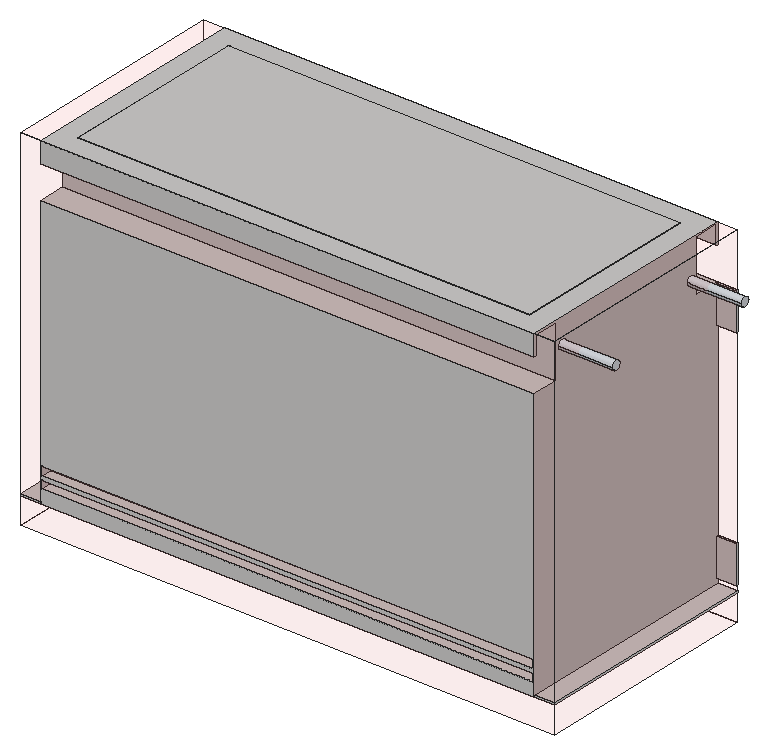
Revit family "Air-Curtain_Industrial_PoweredAire_Steam", category Mechanical Equipment, host Face, Revit 2025
Family settings
  Host = Face
  Round Connector Dimension = Use Diameter
  Part Type = Normal
  OmniClass Number = 23.75.35.17.21
  OmniClass Title = Air Curtains
  Cut with Voids When Loaded = No
  Maintain Annotation Orientation = No
  Shared = No
  Room Calculation Point = No
Parameters
  upperrotation [instance] = if(Upper Pipe Connection Side A, 0.00°, 180.00°)  # 0.00°
  topbracket [instance] = and(Unit Height = 1' 4 3/4", Unit Depth = 1' 11 3/4")  # yes
  lowerrotation [instance] = if(Lower Pipe Connection Side A, 0.00°, 180.00°)  # 0.00°
  locateupperpipe [instance] = if(Upper Pipe Connection Side A, 0' 0", Nozzle Width)  # 0' - 0"
  locatelowerpipe [instance] = if(Lower Pipe Connection Side A, 0' 0", Nozzle Width)  # 0' - 0"
  Warranty Duration (Years) = 0
  Upper Pipe Connection Side A [instance] = yes
  Unit Width Notes = "Other Widths available."  # constant formula
  Unit Width = 3' - 3"
  Unit Weight = 0
  Unit Height = 1' - 4 3/4"
  Unit Depth = 1' - 11 3/4"
  URL = "http://www.poweredaire.com/"
  Test Data = ""
  Standards Conformance = "as Specified"
  Specification = "http://www.arcat.com/sdspecs/htm04/23_34_33pai.htm"
  SpecWizard = ""
  Sound Pressure = "as Specified"
  Sales Information = "http://www.poweredaire.com/contact_us"
  Revision = "R1_2016-08"
  Projection from Host [instance] = 0' - 2"
  Product Properties = ""
  Product Data = "http://www.arcat.com/arcatcos/cos47/arc47623.html"
  Power Rating = 0 W
  Piping_Water Flow [instance] = 0 GPM
  Piping_Operating Pressure [instance] = 0.00 psi
  Piping_Exit Temperature [instance] = 0 °F
  Piping_Entry Temperature [instance] = 0 °F
  Pipe OD [instance] = 5/8"
  Nozzle Width = if(1 = 1, Unit Width - 0' 3", 0' 0")  # 3' - 0"
  Mounting Width = if(1 = 1, Unit Width - 0' 1 1/2", 0' 0")  # 3' - 1 1/2"
  Mounting Height [instance] = 3' - 6"
  Motor RPM = 0
  Motor HP = 0
  Motor Count = 0
  Model = "As Specified"
  Max Height = 0' - 0"
  Manufacturer Website = "http://www.poweredaire.com/"
  Manufacturer Phone - Toll Free = "888-321-2473"
  Manufacturer Phone = "724-588-3305"
  Manufacturer Fax = "724-588-3371"
  Manufacturer Address = "109 Mortensen Rd.  Greenville, PA 16125"
  Manufacturer = "Powered Aire, Inc"
  Maintenance Schedule (Months) = 0
  Lower Pipe Connection Side A [instance] = yes
  Keynote = "23 34 33"
  Installation-Fabrication = ""
  Installation Phase = ""
  Include Clearance [instance] = yes
  Heating Element Load = 0 W
  HVAC_Temperature Rise = 0 °F
  HVAC_Outlet Volume = 0 CFM
  HVAC_Outlet Velocity Uniformity = 0
  HVAC_Outlet Velocity = 0 FPM
  HVAC_BTU Input = 0.0 Btu/h
  Green Building-LEED = "http://www.arcat.com/green/clients/leed_data_47623.html"
  Front Grating Material [instance] = Metal - Steel - PoweredAire - Stainless 304 Perforated
  Frame Finish [instance] = Metal - Steel - PoweredAire - Stainless 304
  Expected Lifespan (Years) = 0
  Electrical_Wattage [instance] = Power Rating + Heating Element Load  # 0 W
  Electrical_Voltage [instance] = 0 V
  Electrical_Phase [instance] = 1
  Electrical_Frequency [instance] = 0 Hz
  Electrical_Amperage [instance] = 0 A
  Drawn By = "Sumex Design, Inc. / Robert S. Weygant, CSI, CDT, SCIP"
  Description = "Powered Aire Air Curtain as Specified"
  Default Elevation = 0' - 0"  # constant formula
  Copyright = "©Arcat Inc."
  Construction Details = "http://www.arcat.com/details/powair/prod3336.html"
  Clearance_Top [instance] = 0' - 0"
  Clearance_Side B [instance] = 0' - 0"
  Clearance_Side A [instance] = 0' - 0"
  Clearance_Intake [instance] = 0' - 0"
  Clearance_Bottom [instance] = 0' - 0"
  Clearance Material [instance] = ARCAT Clearance
  Building Codes = ""
  Available Options [instance] = "as Specified"
  Assembly Code = "D3090400"
Reference planes (in)
  plane 1 "Center (Elevation)": y = 0.13818
  plane 2: z = 0
  plane 3 "Center (Left/Right)": x = 0
  plane 4: y = 8.51318
  plane 5: y = -8.23682
  plane 6: x = -19.5
  plane 7: x = 19.5
  plane 8: z = 25.75
  plane 9 "FF": y = -41.86182
  plane 10: z = 2
  plane 11: x = 18
  plane 12: x = -18
  plane 13: y = 8.51318
  plane 14: y = -8.23682
  plane 15: x = -19.5
  plane 16: x = 19.5
  plane 17: z = 25.75
  plane 18: x = 17.9375
  plane 19: x = -17.9375
  plane 20: x = 18
  plane 21: x = 18
  plane 22: y = 6.01318
  plane 23: y = -5.73682
Forms (in)
  Extrusion 1, solid, material "Metal - Steel - PoweredAire - Stainless 304" <- "Frame Finish"
    sketch origin (0, 0, 0) x (0, 1, 0) y (0, 0, 1)
      loop
        line (-8.23682, 2) -> (8.51318, 2) -> (8.51318, 21.8125) -> (6.51318, 21.8125) -> (6.51318, 25.625) -> (8.38818, 25.625) -> (8.38818, 24.25) -> (8.51318, 24.25) -> (8.51318, 25.75) -> (-8.23682, 25.75) -> (-8.23682, 24.25) -> (-8.11182, 24.25) -> (-8.11182, 25.625) -> (-6.23682, 25.625) -> (-6.23682, 21.8125) -> (-8.23682, 21.8125) -> (-8.23682, 2)
    from -18 to 18
  Extrusion 2, solid, material "ARCAT Clearance" <- "Clearance Material", visible <- "Include Clearance"
    sketch origin (0, 0, 0) x (0, 1, 0) y (0, 0, 1)
      loop
        line (-8.23682, 25.75) -> (-8.23682, 0) -> (8.51318, 0) -> (8.51318, 25.75) -> (-8.23682, 25.75)
    from -19.5 to 19.5
  Extrusion 3, solid, material "Metal - Steel - PoweredAire - Stainless 304" <- "Frame Finish"
    sketch origin (-15.17702, -180, 2) x (-1, 0, 0) y (0, -1, 0)
      loop
        line (-33.17702, -188.51318) -> (-33.17702, -171.76318) -> (-34.67702, -171.76318) -> (-34.67702, -188.51318) -> (-33.17702, -188.51318)
      loop
        line (2.82298, -188.51318) -> (4.32298, -188.51318) -> (4.32298, -171.76318) -> (2.82298, -171.76318) -> (2.82298, -188.51318)
    from 0 to 0.125
  Extrusion 4, solid, material "Metal - Steel - PoweredAire - Stainless 304" <- "Frame Finish", visible <- "topbracket"
    sketch origin (-11.83813, 8.51318, 48) x (-1, 0, 0) y (0, 0, 1)
      loop
        line (-29.83813, -45.5) -> (-29.83813, -42.75) -> (-31.33813, -42.75) -> (-31.33813, -45.5) -> (-29.83813, -45.5)
      loop
        line (-29.83813, -28.9375) -> (-29.83813, -26.1875) -> (-31.33813, -26.1875) -> (-31.33813, -28.9375) -> (-29.83813, -28.9375)
      loop
        line (6.16187, -45.5) -> (7.66187, -45.5) -> (7.66187, -42.75) -> (6.16187, -42.75) -> (6.16187, -45.5)
      loop
        line (6.16187, -28.9375) -> (7.66187, -28.9375) -> (7.66187, -26.1875) -> (6.16187, -26.1875) -> (6.16187, -28.9375)
    from 0 to -0.125
  Extrusion 5, void
    sketch origin (0, 0, 0) x (0, 1, 0) y (0, 0, 1)
      loop
        line (-8.23682, 3) -> (-7.23682, 3) -> (-7.23682, 4.5) -> (-8.23682, 4.5) -> (-8.23682, 3.82425) -> (-7.38364, 3.82425) -> (-7.38364, 3.57425) -> (-8.23682, 3.57425) -> (-8.23682, 3)
    from -17.9375 to 17.9375
  Extrusion 6, solid, material "Metal - Steel - PoweredAire - Stainless 304 Perforated" <- "Front Grating Material"
    sketch origin (0, -8.23682, 25.75) x (0, 1, 0) y (-1, 0, 0)
      loop
        line (15.25, 16.5) -> (1.5, 16.5) -> (1.5, -16.5) -> (15.25, -16.5) -> (15.25, 16.5)
    from 0 to 0.03125
  Sweep 7, solid
    path origin (18, 6.01318, 0) x (1, 0, 0) y (0, 1, 0)
      loop
        line (0, 0) -> (4, 0)
    profile origin (20, 6.01318, 0) x (0, 1, 0) y (0, 0, 1)
      loop
        circle (0, 23) r 0.3125
  Sweep 8, solid
    path origin (18, -5.73682, 0) x (1, 0, 0) y (0, 1, 0)
      loop
        line (0, 0) -> (4, 0)
    profile origin (20, -5.73682, 0) x (0, 1, 0) y (0, 0, 1)
      loop
        circle (0, 24) r 0.3125
Cuts and joins
  Extrusion 5 cuts Extrusion 1
Lines and regions (in)
  reference lines
    curve 1: line (18, 6.01318, 0) -> (22.75, 6.01318, 0)
    curve 2: line (18, -5.73682, 0) -> (23.75, -5.73682, 0)
Dimensions and locks (in)
  equal spacing: plane 4, plane 1 "Center (Elevation)", plane 5
  "Unit Height": plane 4 to plane 5
  equal spacing: plane 6, plane 3 "Center (Left/Right)", plane 7
  "Unit Width": plane 6 to plane 7
  "Mounting Height": plane 1 "Center (Elevation)" to plane 9 "FF"
  "Projection from Host": plane 10 to level
  "Unit Depth": plane 8 to plane 10
  locked: plane 6 to plane 12 at 1.5
  locked: plane 11 to plane 7 at 1.5
  "Clearance_Side A": plane 7 to plane 16
  "Clearance_Side B": plane 15 to plane 6
  "Clearance_Top": plane 13 to plane 4
  "Clearance_Bottom": plane 5 to plane 14
  "Clearance_Intake": plane 17 to plane 8
  plane 5 to Extrusion 1 sketch curve to Extrusion 1 sketch curve = 0' - 0 1/8" locked, 0' - 1 7/8" locked
  Extrusion 1 sketch curve to Extrusion 1 sketch curve to plane 4 = 0' - 1 7/8" locked, 0' - 0 1/8" locked
  Extrusion 4 sketch curve to Extrusion 4 sketch curve to Extrusion 4 sketch curve to Extrusion 4 sketch curve to plane 10 = 0' - 2 3/4" locked, 1' - 1 13/16" locked, 0' - 2 3/4" locked, 0' - 0 1/2" locked
  Extrusion 4 sketch curve to Extrusion 4 sketch curve to Extrusion 4 sketch curve to Extrusion 4 sketch curve = 0' - 2 3/4" locked, 1' - 1 13/16" locked, 0' - 2 3/4" locked
  locked: Extrusion 4 sketch curve to plane 10 at 0.5
  plane 8 to Extrusion 1 sketch curve to Extrusion 1 sketch curve = 0' - 0 1/8" locked, 0' - 1 3/8" locked  (x2)
  locked: Extrusion 1 sketch curve to plane 10 at 19.8125  (x2)
  Extrusion 5 sketch curve to Extrusion 5 sketch curve to Extrusion 5 sketch curve to Extrusion 5 sketch curve to plane 10 = 0' - 0.67575" locked, 0' - 0 1/4" locked, 0' - 0.57425" locked, 0' - 1" locked
  plane 5 to Extrusion 5 sketch curve to Extrusion 5 sketch curve = 0' - 0.85319" locked, 0' - 0.14681" locked
  locked: plane 19 to plane 12 at 0.0625
  locked: plane 11 to plane 18 at 0.0625
  locked: plane 4 to Extrusion 6 sketch curve at 1.5
  locked: Extrusion 6 sketch curve to plane 5 at 1.5
  locked: Extrusion 6 sketch curve to plane 11 at 1.5
  locked: plane 12 to Extrusion 6 sketch curve at 1.5
  "locateupperpipe": plane 20 to plane 11
  "locatelowerpipe": plane 21 to plane 11
  locked: plane 4 to plane 22 at 2.5
  locked: plane 23 to plane 5 at 2.5
  locked: curve 1 to Sweep 7 sketch curve at 4
  locked: curve 1 to Sweep 7 sketch curve
  locked: Sweep 7 sketch curve to plane 10 at 21
  locked: curve 2 to Sweep 8 sketch curve at 4
  locked: curve 2 to Sweep 8 sketch curve
  locked: Sweep 8 sketch curve to plane 10 at 22
  "upperrotation": angle plane 22 to curve 1
  "lowerrotation": angle plane 23 to curve 2
  aligned and locked: plane 2 to host face
  aligned and locked: level to host face
  aligned and locked: Extrusion 2 sketch curve to plane 17
  aligned and locked: plane 14 to Extrusion 2 sketch curve
  aligned and locked: level to Extrusion 2 sketch curve
  aligned and locked: Extrusion 2 sketch curve to plane 13
  aligned and locked: plane 16 to Extrusion 2
  aligned and locked: Extrusion 2 to plane 15
  aligned and locked: plane 11 to Extrusion 1
  aligned and locked: Extrusion 1 to plane 12
  aligned and locked: plane 21 to curve 2
  aligned and locked: plane 23 to curve 2
  aligned and locked: plane 22 to curve 1
  aligned and locked: plane 20 to curve 1
Automatic sketch dimensions
  host sketch curve to host sketch curve = 8' - 0"  (x2)
  Extrusion 1 sketch curve to plane 5 = 0' - 0"  (x2)
  Extrusion 1 sketch curve to plane 4 = 0' - 0"  (x2)
  Extrusion 1 sketch curve to plane 10 = 0' - 0"
  Extrusion 1 sketch curve to plane 8 = 0' - 0"
  plane 4 to Extrusion 3 sketch curve = 0' - 0"
  Extrusion 3 sketch curve to plane 7 = 0' - 0"
  plane 5 to Extrusion 3 sketch curve = 0' - 0"
  Extrusion 3 sketch curve to plane 11 = 0' - 0"
  Extrusion 3 sketch curve to plane 4 = 0' - 0"
  Extrusion 3 sketch curve to plane 12 = 0' - 0"
  Extrusion 3 sketch curve to plane 6 = 0' - 0"
  Extrusion 3 sketch curve to plane 5 = 0' - 0"
  Extrusion 4 sketch curve to plane 7 = 0' - 0"  (x2)
  Extrusion 4 sketch curve to plane 11 = 0' - 0"  (x2)
  Extrusion 4 sketch curve to plane 12 = 0' - 0"  (x2)
  Extrusion 4 sketch curve to plane 6 = 0' - 0"  (x2)
  Extrusion 5 sketch curve to plane 5 = 0' - 0"  (x2)
  Sweep 7 sketch curve to profile plane = 0' - 0"
  Sweep 8 sketch curve to profile plane = 0' - 0"
  radius of Sweep 7 sketch curve = 0' - 0 5/16"
  radius of Sweep 8 sketch curve = 0' - 0 5/16"
Connectors (in)
  piping at (22, 6.01318, 23), diameter 0.625, driven by "Pipe OD", driven by "Piping_Water Flow"
    settings: on Sweep 7, index 1, connector inside diameter 24", connector length 0' - 0", flow factor 0, pipe flow 0 GPM, pressure drop 0.00 psi, fitting loss kfactor 0, connector angle 0.00°, fixture units 0, engagement length 0' - 0", angle of deflection 0.00°, flow configuration 0, flow direction 0, fitting loss method 0, system type 29, joint type 0, gender type 0, connector reference index -1, connector utility 0, adjustable connector no, is connector primary yes, connector description "Define Supply or Return and Location"
  piping at (22, -5.73682, 24), diameter 0.625, driven by "Pipe OD", driven by "Piping_Water Flow"
    settings: on Sweep 8, index 2, connector inside diameter 24", connector length 0' - 0", flow factor 0, pipe flow 0 GPM, pressure drop 0.00 psi, fitting loss kfactor 0, connector angle 0.00°, fixture units 0, engagement length 0' - 0", angle of deflection 0.00°, flow configuration 0, flow direction 0, fitting loss method 0, system type 29, joint type 0, gender type 0, connector reference index -1, connector utility 0, adjustable connector no, is connector primary no, connector description "Define Supply or Return and Location"
  electrical at (-18, 0.13818, 21.39062), driven by "Electrical_Voltage", driven by "Electrical_Phase"
    settings: on cut or joined group of Extrusion 1, Extrusion 5, index 3, voltage 0 V, apparent load 0 VA, apparent load phase1 0 VA, apparent load phase2 0 VA, apparent load phase3 0 VA, power factor 1, load classification "Motor", number of poles 1, system type 31, power factor state 1, is connector primary yes, connector utility no, sub classification motor no, connector description ""
